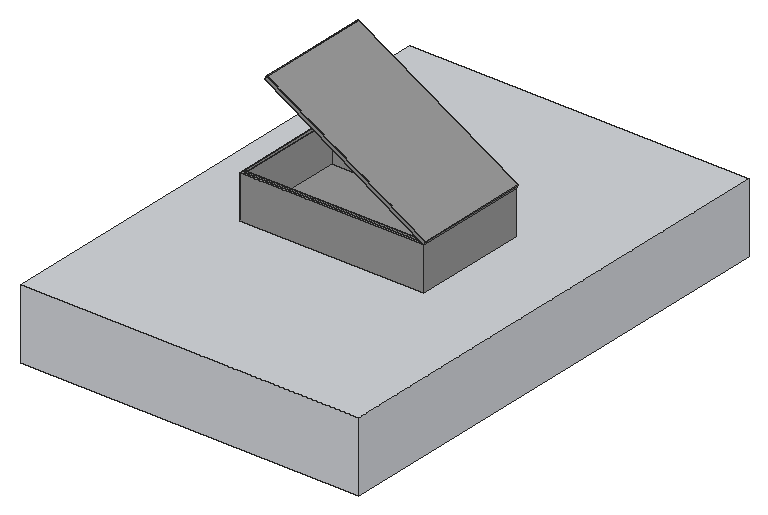
Revit family "Hager-Univers-IP44-D205-H500-Cl.I-Encl-CH-it", category Equipement électrique, Revit 2020
Family settings
  Hôte = Face
  Configuration du panneau = Deux colonnes, circuits au sein
  Cote de connecteur circulaire = Utiliser le diamètre
  Type d'élément = Tableau de raccordement
  Couper avec des vides une fois chargée = Non
  Partagée = Non
  Point de calcul de pièce = Non
Parameters (values of type "A parete IP44 L800 A500 P205  - FP33TN2")
  Width Control [instance] = if([EF000008 - Larghezza] > Min Width, [EF000008 - Larghezza], Min Width)  # 800 mm
  Commentaires du type = [HG000003 - Gamma]  # "Univers"
  Thickness Door [instance] = if([EF009171 - spessore materiale porta/coperchio] > 3 mm, 3 mm, [EF009171 - spessore materiale porta/coperchio])  # 1 mm
  Seal Frame Offset [instance] = 17 mm  # constant formula
  Plinth Visibility [instance] = [HG000027 - Altezza dello zoccolo] > 0 mm  # no
  Model = ""
  Min Width [instance] = 100 mm  # constant formula
  Min Height [instance] = 100 mm  # constant formula
  Min Depth [instance] = (2 * [EF009170 - spessore materiale scatola]) + 1 mm  # 3 mm
  Internal Frame Depth [instance] = (Door System Depth * 0.5)  # 9 mm
  Height Control [instance] = if([EF000040 - Altezza] > Min Height, [EF000040 - Altezza], Min Height)  # 500 mm
  HG000027 - Altezza dello zoccolo = 0 mm
  HG000026 - A pavimento = no
  HG000024 - Altezza della sezione inferiore = 800 mm
  HG000023 - Custodia a doppia sezione = no
  HG000016 - Visibilità delle porte nella vista 3D [instance] = yes
  HG000015 - Visibilità attraverso la porta [instance] = no
  HG000014 - Porta destra [instance] = yes
  HG000013 - Porta sinistra [instance] = not([HG000014 - Porta destra])  # no
  HG000012 - Angolo di apertura della porta [instance] = 30.00°
  HG000010 - Porte asimmetriche = no
  HG000009 - Porta doppia a battente = no
  HG000006 - Ad incasso = no
  HG000004 - Codice produttore = "FP33TN2"
  HG000003 - Gamma = "Univers"
  HG000002 - Con porta = yes
  Frame Offset Bottom [instance] = 10 mm  # constant formula
  Frame Offset [instance] = 15 mm  # constant formula
  EF015940 - Coprire con rilascio di sovrapressione = no
  EF011959 - tipo di protezione (NEMA) = ""
  EF009554 - numero delle aperture per la piastra della flangia = 6
  Fabricant = "Hager"  # constant formula
  EF009212 - esecuzione coperchio = "EV000116 - chiuso"
  EF009171 - spessore materiale porta/coperchio = 1 mm
  EF009170 - spessore materiale scatola = 1 mm
  EF008873 - corrente nominale (In) = 250 A
  EF007800 - adatto per parafulmine = no
  EF006306 - con serratura = no
  EF006244 - coperchio/porta trasparente = no
  EF005474 - grado di protezione (IP) = "EV006418 - IP44"
  EF004464 - tipo di porta = "EV002646 - singolo"
  EF004427 - numero di moduli = 108
  EF004293 - resistenza agli urti = "EV006815 - IK09"
  EF003532 - adatto per uso esterno = no
  EF002950 - Numero moduli DIN = 36
  EF001613 - Integrità del circuito = "EV000494 - senza"
  EF001596 - Attacco Lampada = "EV000179 - acciaio"
  EF001131 - profondità interna = 205 mm
  EF001088 - possibilità di applicazione = yes
  EF000437 - numero di ingressi per conduttori = 6
  EF000339 - tipo di copertura = "EV001012 - coperchio"
  EF000266 - numero di file = 3
  EF000218 - profondità di incasso = 205 mm
  EF000118 - con piastra di montaggio = no
  EF000116 - numero RAL = "9010"
  EF000049 - profondità = 205 mm
  EF000040 - Altezza = 500 mm
  EF000008 - Larghezza = 800 mm
  EF000007 - colore = "EV000202 - bianco"
  EF000003 - Tipo di montaggio = "EV000384 - A parete"
  Door System Leaf Tolerance [instance] = 1.5 mm  # constant formula
  Door System Depth [instance] = 18 mm  # constant formula
  Door Height [instance] = Height Control - [HG000027 - Altezza dello zoccolo]  # 500 mm
  Depth Control [instance] = if([EF000049 - profondità] > Min Depth, [EF000049 - profondità], Min Depth)  # 205 mm
  Default Elevation = 0 mm
  Connector Offset [instance] = Height Control / 2  # 250 mm
  Bottom Top Plate Trim [instance] = 1.5 mm  # constant formula
  Plinth height Ctrl [instance] = if([HG000027 - Altezza dello zoccolo] > 0 mm, [HG000027 - Altezza dello zoccolo], 12 mm)  # 12 mm
Types (10, lengths in mm): name | Width Control | HG000010 - Porte asimmetriche | HG000009 - Porta doppia a battente | HG000004 - Codice produttore | EF009554 - numero delle aperture per la piastra della flangia | EF004464 - tipo di porta | EF004427 - numero di moduli | EF002950 - Numero moduli DIN | EF000437 - numero di ingressi per conduttori | EF000218 - profondità di incasso | EF000008 - Larghezza
  A parete IP44 L1050 A500 P205  - FP34QT | 1050 | no | no | "FP34QT" | 8 | "EV003602 - doppio" | 144 | 48 | 8 | 0 | 1050
  A parete IP44 L1050 A500 P205  - FP34TN2 | 1050 | no | yes | "FP34TN2" | 8 | "EV003602 - doppio" | 144 | 48 | 8 | 205 | 1050
  A parete IP44 L1300 A500 P205  - FP35QT | 1300 | no | no | "FP35QT" | 10 | "EV003602 - doppio" | 180 | 60 | 10 | 0 | 1300
  A parete IP44 L1300 A500 P205  - FP35TN2 | 1300 | yes | yes | "FP35TN2" | 10 | "EV003602 - doppio" | 180 | 60 | 10 | 205 | 1300
  A parete IP44 L300 A500 P205  - FP31QT | 300 | no | no | "FP31QT" | 2 | "EV002646 - singolo" | 36 | 12 | 2 | 0 | 300
  A parete IP44 L300 A500 P205  - FP31TN2 | 300 | no | no | "FP31TN2" | 2 | "EV002646 - singolo" | 36 | 12 | 2 | 205 | 300
  A parete IP44 L550 A500 P205  - FP32QT | 550 | no | no | "FP32QT" | 4 | "EV002646 - singolo" | 72 | 24 | 4 | 0 | 550
  A parete IP44 L550 A500 P205  - FP32TN2 | 550 | no | no | "FP32TN2" | 4 | "EV002646 - singolo" | 72 | 24 | 4 | 205 | 550
  A parete IP44 L800 A500 P205  - FP33QT | 800 | no | no | "FP33QT" | 6 | "EV002646 - singolo" | 108 | 36 | 6 | 0 | 800
  A parete IP44 L800 A500 P205  - FP33TN2 | 800 | no | no | "FP33TN2" | 6 | "EV002646 - singolo" | 108 | 36 | 6 | 205 | 800
Reference planes
  plane 1 "Center (Front/Back)": y = 0
  plane 2: z = 0
  plane 3 "Center (Left/Right)": x = 0
  plane 4: z = 205
  plane 5: y = 1
  plane 6: y = 250
  plane 7: y = 0
  plane 8: y = 500
  plane 9: z = 0
  plane 10: x = -385
  plane 11: x = 385
  plane 12: x = 384
  plane 13: x = -384
  plane 14: y = 499
  plane 15: x = -383
  plane 16: x = -400
  plane 17: x = 383
  plane 18: x = 400
  plane 19: x = 399
  plane 20: x = -399
  plane 21: y = 11
  plane 22: y = 500
  plane 23: y = 484
  plane 24: z = 187
  plane 25: z = 1
  plane 26: z = 186
  plane 27: z = 204
Forms (mm)
  Extrusion 1, solid
    sketch origin (0, 0, 0) x (1, 0, 0) y (0, 1, 0)
      loop
        line (-702.964, 1305) -> (-702.964, -811.445) -> (766.763, -811.445) -> (766.763, 1305) -> (-702.964, 1305)
    from 0 to -304.8
  Extrusion 2, solid, material "Hager_Steel_RAL7035_Light_Grey", visible <- "Plinth Visibility", detail levels medium+fine
    sketch origin (0, 0, 0) x (1, 0, 0) y (0, 1, 0)
      loop
        line (-400, 0) -> (400, 0) -> (400, 12) -> (-400, 12) -> (-400, 0)
    from 0 to 187
  Extrusion 3, solid, material "Hager_Steel_RAL7035_Light_Grey", detail levels medium+fine
    sketch origin (0, 0, 0) x (1, 0, 0) y (0, 1, 0)
      loop
        line (-400, 0) -> (400, 0) -> (400, 500) -> (-400, 500) -> (-400, 0)
    from 0 to 187
  Extrusion 4, void
    sketch origin (0, 0, 0) x (1, 0, 0) y (0, 1, 0)
      loop
        line (-399, 1) -> (399, 1) -> (399, 499) -> (-399, 499) -> (-399, 1)
    from 1 to 186
  Extrusion 5, void
    sketch origin (-381.607, -4572, 187) x (0, -1, 0) y (-1, 0, 0)
      loop
        line (-4583, 2.393) -> (-5056, 2.393) -> (-5056, -765.607) -> (-4583, -765.607) -> (-4583, 2.393)
    from 0 to 1 <- "EF009170 - spessore materiale scatola"
  Extrusion 6, solid, material "Hager_Steel_RAL7035_Light_Grey", detail levels fine
    sketch origin (0, 0, 187) x (1, 0, 0) y (0, 1, 0)
      loop
        line (-384, 484) -> (-384, 11) -> (384, 11) -> (384, 484) -> (-384, 484)
      loop
        line (-385, 10) -> (385, 10) -> (385, 485) -> (-385, 485) -> (-385, 10)
    from 0 to 9 <- "Internal Frame Depth"
  Extrusion 7, solid, material "Hager_Steel_RAL7035_Light_Grey", detail levels coarse
    sketch origin (0, 0, 0) x (1, 0, 0) y (0, 1, 0)
      loop
        line (-400, 0) -> (400, 0) -> (400, 500) -> (-400, 500) -> (-400, 0)
    from 0 to 205
  Sweep 8, void
    path in 3D
      loop
        line (-400, 12, 0) -> (400, 12, 0) -> (400, 12, 187) -> (-400, 12, 187) -> (-400, 12, 0)
    profile origin (-400, 12, 93.5) x (-1, 0, 0) y (0, -1, 0)
      loop
        line (0, 0) -> (0, 1.5) -> (-1.5, 1.5)
        arc (-1.5, 1.5) -> (-1.061, 0.439) -> (0, 0) r 1.5
Cuts and joins
  Extrusion 4, Extrusion 5 cuts Extrusion 3
  Sweep 8 cuts Extrusion 2
Lines and regions (mm)
  Masking region 1
    outline origin (0, 0, 0) x (1, 0, 0) y (0, 0, 1)
      loop
        line (-400, 205) -> (-400, 0) -> (400, 0) -> (400, 205) -> (-400, 205)
  Masking region 2, detail levels medium+fine
    outline origin (0, 140, 0) x (0, 1, 0) y (0, 0, 1)
      loop
        line (-140, 0) -> (360, 0) -> (360, 187) -> (-140, 187) -> (-140, 0)
  Masking region 3, not visible, detail levels medium+fine
    outline origin (0, 297.922, 0) x (0, 1, 0) y (0, 0, 1)
      loop
        line (-36.422, 0) -> (3.578, 0) -> (3.578, 194)
        arc (3.578, 194) -> (0.649, 201.071) -> (-6.422, 204) r 10
        line (-6.422, 204) -> (-36.422, 204) -> (-36.422, 0)
  Masking region 4, detail levels coarse
    outline origin (0, 0, 180) x (0, 1, 0) y (0, 0, 1)
      loop
        line (0, -180) -> (500, -180) -> (500, 25) -> (0, 25) -> (0, -180)
  Masking region 5, visible <- "Plinth Visibility", detail levels medium+fine
    outline origin (0, 52.24, 12.345) x (0, 0, -1) y (0, 1, 0)
      loop
        line (10.845, -40.24) -> (-173.155, -40.24)
        arc (-173.155, -40.24) -> (-173.594, -41.301) -> (-174.655, -41.74) r 1.5
        line (-174.655, -41.74) -> (-174.655, -52.24) -> (12.345, -52.24) -> (12.345, -41.74)
        arc (12.345, -41.74) -> (11.285, -41.301) -> (10.845, -40.24) r 1.5
  Masking region 6, detail levels medium+fine
    outline origin (-381.607, -4572, 187) x (-1, 0, 0) y (0, -1, 0)
      loop
        line (18.393, -5072) -> (18.393, -4572) -> (-781.607, -4572) -> (-781.607, -5072) -> (18.393, -5072)
  Masking region 7, visible <- "Plinth Visibility", detail levels medium+fine
    outline origin (-381.607, -4727, 187) x (-1, 0, 0) y (0, -1, 0)
      loop
        arc (16.893, -4739) -> (17.332, -4737.939) -> (18.393, -4737.5) r 1.5
        line (18.393, -4737.5) -> (18.393, -4727) -> (-781.607, -4727) -> (-781.607, -4737.5)
        arc (-781.607, -4737.5) -> (-780.546, -4737.939) -> (-780.107, -4739) r 1.5
        line (-780.107, -4739) -> (16.893, -4739)
  Masking region 8, detail levels coarse
    outline origin (-442.548, -4669.526, 187) x (-1, 0, 0) y (0, -1, 0)
      loop
        line (-42.548, -5169.526) -> (-42.548, -4669.526) -> (-842.548, -4669.526) -> (-842.548, -5169.526) -> (-42.548, -5169.526)
  sketch lines
    curve 1: line (-400, 12, 187) -> (-400, 12, 0)
    curve 2: line (400, 12, 187) -> (-400, 12, 187)
    curve 3: line (400, 12, 187) -> (400, 12, 0)
    curve 4: line (-400, 12, 0) -> (400, 12, 0)
Dimensions and locks
  "Depth Control": plane 4 to Extrusion 1
  "HG000027 - Altezza dello zoccolo": plane 1 "Center (Front/Back)" to plane 7
  "EF009170 - spessore materiale scatola": plane 5 to plane 7
  locked: connector elem to plane 3 "Center (Left/Right)"
  equal spacing: plane 8, plane 6, plane 7
  locked: connector elem to plane 6
  "EF009170 - spessore materiale scatola": plane 8 to plane 14
  "EF009170 - spessore materiale scatola": plane 10 to plane 13
  "EF009170 - spessore materiale scatola": plane 12 to plane 11
  "Frame Offset": plane 20 to plane 13
  "Frame Offset": plane 12 to plane 19
  "EF009170 - spessore materiale scatola": plane 16 to plane 20
  "EF009170 - spessore materiale scatola": plane 19 to plane 18
  "Seal Frame Offset": plane 16 to plane 15
  "Seal Frame Offset": plane 17 to plane 18
  "Frame Offset Bottom": plane 21 to plane 5
  "Frame Offset": plane 14 to plane 23
  equal spacing: plane 16, plane 3 "Center (Left/Right)", plane 18
  "Width Control": plane 16 to plane 18
  "EF009170 - spessore materiale scatola": plane 4 to plane 27
  "EF009170 - spessore materiale scatola": plane 24 to plane 26
  "EF009170 - spessore materiale scatola": plane 25 to level
  "Door System Depth": plane 4 to plane 24
  "Height Control": plane 1 "Center (Front/Back)" to Extrusion 7 sketch curve
  "Height Control": Masking region 4 sketch curve to plane 1 "Center (Front/Back)"
  "Height Control": plane 1 "Center (Front/Back)" to plane 22
  "Bottom Top Plate Trim": profile plane to Sweep 8 sketch curve
  "Bottom Top Plate Trim": Sweep 8 sketch curve to profile plane
  "Plinth height Ctrl": plane 1 "Center (Front/Back)" to Extrusion 2 sketch curve
  "Plinth height Ctrl": Masking region 5 sketch curve to plane 1 "Center (Front/Back)"
  "Plinth height Ctrl": plane 1 "Center (Front/Back)" to Masking region 7 sketch curve
  "Thickness Door": Extrusion 6 sketch curve to Extrusion 6 sketch curve  (x3)
  "Thickness Door": cut or joined group of Extrusion 3, Extrusion 4, Extrusion 5 to Extrusion 6 sketch curve
  radius of Masking region 3 sketch curve = 10 mm
  "Bottom Top Plate Trim": radius of Masking region 5 sketch curve  (x2)
  "Bottom Top Plate Trim": radius of Sweep 8 sketch curve
  "Bottom Top Plate Trim": radius of Masking region 7 sketch curve  (x2)
  aligned and locked: plane 2 to Extrusion 1
  aligned and locked: level to Extrusion 1
  aligned and locked: level to Masking region 1 sketch curve
  aligned and locked: Masking region 1 sketch curve to plane 18
  aligned and locked: Masking region 1 sketch curve to plane 16
  aligned and locked: plane 7 to Masking region 2 sketch curve
  aligned and locked: level to Masking region 3 sketch curve
  aligned and locked: Masking region 3 sketch curve to plane 27
  aligned and locked: level to Masking region 2 sketch curve
  aligned and locked: plane 1 "Center (Front/Back)" to Extrusion 2 sketch curve
  aligned and locked: Extrusion 3 sketch curve to plane 7
  aligned and locked: plane 16 to Extrusion 3 sketch curve
  aligned and locked: plane 18 to Extrusion 3 sketch curve
  aligned and locked: plane 20 to Extrusion 4 sketch curve
  aligned and locked: plane 19 to Extrusion 4 sketch curve
  aligned and locked: Extrusion 4 sketch curve to plane 5
  aligned and locked: Extrusion 4 to plane 25
  aligned and locked: plane 26 to Extrusion 4
  aligned and locked: plane 24 to Extrusion 3
  aligned and locked: Extrusion 5 sketch curve to plane 21
  aligned and locked: Extrusion 5 sketch curve to plane 13
  aligned and locked: Extrusion 5 sketch curve to plane 12
  aligned and locked: plane 18 to Extrusion 7 sketch curve
  aligned and locked: plane 1 "Center (Front/Back)" to Extrusion 7 sketch curve
  aligned and locked: plane 16 to Extrusion 7 sketch curve
  aligned and locked: plane 4 to Extrusion 7
  aligned and locked: Extrusion 7 to level
  aligned and locked: level to Masking region 4 sketch curve
  aligned and locked: Masking region 4 sketch curve to plane 1 "Center (Front/Back)"
  aligned and locked: Masking region 4 sketch curve to plane 4
  aligned and locked: nested 1 to level
  aligned and locked: nested 1 to plane 16
  aligned and locked: plane 8 to Extrusion 3 sketch curve
  aligned and locked: plane 23 to Extrusion 5 sketch curve
  aligned and locked: plane 14 to Extrusion 4 sketch curve
  aligned and locked: Masking region 2 sketch curve to plane 8
  aligned and locked: level to Masking region 5 sketch curve
  aligned and locked: plane 16 to Extrusion 2 sketch curve
  aligned and locked: plane 18 to Extrusion 2 sketch curve
  aligned and locked: Masking region 5 sketch curve to plane 24
  aligned and locked: Masking region 2 sketch curve to plane 24
  aligned and locked: plane 24 to Extrusion 2
  aligned and locked: profile plane to Sweep 8 sketch curve  (x2)
  aligned and locked: Masking region 6 sketch curve to plane 18
  aligned and locked: Masking region 6 sketch curve to plane 22
  aligned and locked: Masking region 6 sketch curve to plane 16
  aligned and locked: plane 8 to plane 22
  aligned and locked: Masking region 6 sketch curve to plane 7
  aligned and locked: Masking region 7 sketch curve to plane 16
  aligned and locked: Masking region 7 sketch curve to plane 1 "Center (Front/Back)"
  aligned and locked: Masking region 7 sketch curve to plane 18
  aligned and locked: Masking region 8 sketch curve to plane 1 "Center (Front/Back)"
  aligned and locked: Masking region 8 sketch curve to plane 18
  aligned and locked: Masking region 8 sketch curve to plane 22
  aligned and locked: Masking region 8 sketch curve to plane 16
  aligned and locked: nested 2 to plane 7
  aligned and locked: plane 3 "Center (Left/Right)" to nested 2
  aligned and locked: nested 2 to plane 24
  aligned and locked: Extrusion 6 sketch curve to cut or joined group of Extrusion 3, Extrusion 4, Extrusion 5  (x4)
Automatic sketch dimensions
  Extrusion 1 sketch curve to Extrusion 1 sketch curve = 1469.727 mm
  Extrusion 1 sketch curve to Extrusion 1 sketch curve = 2116.445 mm
  Masking region 1 sketch curve to plane 4 = 0 mm
  plane 6 to Masking region 3 sketch curve = 11.5 mm
  Masking region 3 sketch curve to Masking region 3 sketch curve = 30 mm
  Masking region 5 sketch curve to plane 1 "Center (Front/Back)" = 0 mm
Nested families
  nested 1: "Hager_Enclosure_Symbol" at (-400, 0, 0) x (1, 0, 0) z (0, -1, 0), Height <- "Depth Control", Width <- "Width Control", type "Hager_Enclosure_Symbol"
    with Width_Ctrl 800 mm, Width 800 mm, Height_Ctrl 205 mm, Height 205 mm, A_Width_Int 13.453 mm, A_Width 161.438 mm, A_Height_Ctrl 179.375 mm, A_Height 179.375 mm
  nested 2: "EC000058_Univers_Door" at (0, 0, 187) x (1, 0, 0) z (0, 1, 0), Leaf_Tolerance <- "Door System Leaf Tolerance", Angle <- "HG000012 - Angolo di apertura della porta", Door_Depth <- "Door System Depth", Door_Left <- "HG000013 - Porta sinistra", Transparent <- "EF006244 - coperchio/porta trasparente", Assymetrical <- "HG000010 - Porte asimmetriche", Width <- "Width Control", Clearance <- "HG000015 - Visibilità attraverso la porta", Double <- "HG000009 - Porta doppia a battente", 3d_Door <- "HG000016 - Visibilità delle porte nella vista 3D", Lock_Visibility <- "EF006306 - con serratura", Width_Ctrl <- "Width Control", Door_Right <- "HG000014 - Porta destra", Door <- "HG000002 - Con porta", Height <- "Door Height", Thickness <- "Thickness Door", type "EC000058_Univers_Door", detail levels medium+fine
    with min_wh 3 mm, Width_Ctrl 800 mm, Width 800 mm, Transparent no, Thickness 1 mm, Seal_Material Hager_Rubber, Lock_Visibility no, Lock_Material Hager_Plastic_RAL9005_Jet_Black, Leaf_Width 800 mm, Leaf_Tolerance_External_Sides 0 mm, Leaf_Tolerance 1.5 mm, Leaf_Offset 0 mm, Leaf_Height 497 mm, Leaf_2_Width 800 mm, Leaf_2_Offset 400 mm, Leaf_1_Width 800 mm, Leaf_1_Offset 400 mm, Height_Ctrl 500 mm, Height 500 mm, Glass_Material Hager_Glass, Double_Clearance_Ctrl no, Double no, Door_Right_Ctrl yes, Door_Right yes, Door_Material Hager_Steel_RAL7035_Light_Grey, Door_Left_Ctrl no, Door_Left no, Door_Depth 18 mm, Door yes, Clearance_Material Hager_Clearance, Clearance_Depth 800 mm, Clearance_Ctrl no, Clearance no, Assymetrical no, Angle 30.00°, 3d_Door yes
Connectors
  electrical at (0, 250, 0)
    settings: on plane 9, index 1, voltage 0 V, apparent load 0 VA, apparent load phase1 0 VA, apparent load phase2 0 VA, apparent load phase3 0 VA, power factor 1, load classification "Other", number of poles 1, system type 30, power factor state 1, is connector primary yes, connector utility no, sub classification motor no, connector description ""
Definition of nested family "EC000058_Univers_Door"
  Parameters (values of type "EC000058_Univers_Door")
    min_wh [instance] = (2 * Thickness) + 1 mm  # 11 mm
    Width_Ctrl [instance] = 400 mm
    Width [instance] = 500 mm
    Transparent [instance] = yes
    Thickness [instance] = 5 mm
    Seal_Material [instance] = none
    Lock_Visibility [instance] = yes
    Lock_Material [instance] = none
    Leaf_Width [instance] = if((Width_Ctrl - 2 * Leaf_Tolerance_External_Sides) > 0 mm, (Width_Ctrl - 2 * Leaf_Tolerance_External_Sides), min_wh)  # 400 mm
    Leaf_Tolerance_External_Sides [instance] = 0 mm  # constant formula
    Leaf_Tolerance [instance] = 1.5 mm
    Leaf_Offset [instance] = 0 mm  # constant formula
    Leaf_Height [instance] = if((Height_Ctrl - 2 * Leaf_Tolerance) > 0 mm, (Height_Ctrl - 2 * Leaf_Tolerance), min_wh)  # 497 mm
    Leaf_2_Width [instance] = if(and(and(Double, Assymetrical), Door_Left), (Leaf_Width / 3) - (Leaf_Tolerance / 2), if(and(and(Double, Assymetrical), Door_Right), (Leaf_Width / 3) * 2 - (Leaf_Tolerance / 2), if(and(Double, not(Assymetrical)), (Leaf_Width / 2) - Leaf_Tolerance, Leaf_Width)))  # 400 mm
    Leaf_2_Offset [instance] = if(and(Double, Assymetrical), Leaf_2_Width / 2, if(and(Double, not(Assymetrical)), Leaf_Width / 4, Leaf_Width / 2))  # 200 mm
    Leaf_1_Width [instance] = if(and(and(Double, Assymetrical), Door_Right), (Leaf_Width / 3) - (Leaf_Tolerance / 2), if(and(and(Double, Assymetrical), Door_Left), (Width / 3) * 2 - (Leaf_Tolerance / 2), if(and(Double, not(Assymetrical)), (Leaf_Width / 2) - Leaf_Tolerance, Leaf_Width)))  # 400 mm
    Leaf_1_Offset [instance] = if(and(Double, Assymetrical), Leaf_1_Width / 2, if(and(Double, not(Assymetrical)), Leaf_Width / 4, Leaf_Width / 2))  # 200 mm
    Height_Ctrl [instance] = if(Height > min_wh, Height, min_wh)  # 500 mm
    Height [instance] = 500 mm
    Glass_Material [instance] = none
    Double_Clearance_Ctrl [instance] = and(Double, Clearance)  # no
    Double [instance] = no
    Door_Right_Ctrl [instance] = and(or(Door_Right, Double), Door)  # yes
    Door_Right [instance] = yes
    Door_Material [instance] = none
    Door_Left_Ctrl [instance] = and(or(Door_Left, Double), Door)  # no
    Door_Left [instance] = no
    Door_Depth [instance] = 30 mm
    Door [instance] = yes
    Default Elevation = 1219.2 mm
    Clearance_Material [instance] = none
    Clearance_Depth [instance] = if(Leaf_1_Width > Leaf_2_Width, Leaf_1_Width, Leaf_2_Width)  # 400 mm
    Clearance_Ctrl [instance] = and(not(Double), Clearance)  # yes
    Clearance [instance] = yes
    Assymetrical [instance] = yes
    Angle [instance] = 30.00°
    3d_Door [instance] = yes
  Reference planes
    plane 1 "Center (Front/Back)": y = 0
    plane 2 "Bottom": z = 0
    plane 3 "Center (Left/Right)": x = 0
    plane 4: z = 500
    plane 5: x = -200
    plane 6: x = 200
    plane 7: z = 500
    plane 8: x = -200
    plane 9: z = 0
    plane 10: x = 200
    plane 11: y = 0
    plane 12: z = 1.5
    plane 13: x = -600
    plane 14: y = -400
    plane 15: x = 600
    plane 16: x = 0
    plane 17: x = 0
    plane 18: x = -200
    plane 19: x = 200
    plane 20: z = 498.5
  Forms (mm)
    Extrusion 1, solid, material <- "Clearance_Material", visible <- "Double_Clearance_Ctrl"
      sketch origin (1200, 0, 0) x (1, 0, 0) y (0, 0, -1)
        loop
          line (-1800, -498.5) -> (-600, -498.5) -> (-600, 0) -> (-1800, 0) -> (-1800, -498.5)
      from 0 to -400
  Dimensions and locks
    equal spacing: plane 5, plane 3 "Center (Left/Right)", plane 6
    "Width_Ctrl": plane 5 to plane 6
    "Leaf_Offset": plane 5 to plane 8
    "Leaf_Offset": plane 6 to plane 10
    "Leaf_Offset": plane 9 to level
    "Leaf_Offset": plane 4 to plane 7
    "Height_Ctrl": plane 4 to level
    "Leaf_Tolerance": plane 12 to plane 9
    locked: plane 11 to plane 1 "Center (Front/Back)"
    "Leaf_1_Offset": plane 18 to plane 16
    "Leaf_2_Offset": plane 17 to plane 19
    "Leaf_1_Width": plane 13 to plane 8
    "Leaf_2_Width": plane 10 to plane 15
    "Clearance_Depth": plane 14 to plane 1 "Center (Front/Back)"
    "Leaf_Tolerance_External_Sides": plane 8 to plane 18
    "Leaf_Tolerance_External_Sides": plane 19 to plane 10
    "Leaf_Tolerance": plane 7 to plane 20
    aligned and locked: level to plane 2 "Bottom"
    aligned and locked: nested 1 to plane 16
    aligned and locked: nested 2 to plane 17
    aligned and locked: Extrusion 1 to plane 13
    aligned and locked: plane 15 to Extrusion 1
    aligned and locked: Extrusion 1 to plane 14
    aligned and locked: plane 12 to nested 1
    aligned and locked: nested 2 to plane 12
    aligned and locked: Extrusion 1 to plane 11
    aligned and locked: plane 20 to Extrusion 1
    aligned and locked: nested 2 to plane 11
    aligned and locked: nested 1 to plane 11
  Automatic sketch dimensions
    Extrusion 1 sketch curve to level = 0 mm
    plane 5 to Extrusion 1 sketch curve = 400 mm
    plane 6 to Extrusion 1 sketch curve = 400 mm
    Extrusion 1 sketch curve to plane 4 = 1.5 mm
  Nested families
    nested 1: "EC000058_Univers_Door_Leaf" at (0, 0, 1.5), Width <- "Leaf_1_Width", visible <- "Door_Left_Ctrl", Leaf_Height <- "Leaf_Height", Angle <- "Angle", 3d_Door <- "3d_Door", Transparent <- "Transparent", Clearance Material <- "Clearance_Material", Clearance <- "Clearance_Ctrl", Door_Material <- "Door_Material", Glass_Material <- "Glass_Material", Door_Depth <- "Door_Depth", Lock_Material <- "Lock_Material", Seal_Material <- "Seal_Material", Lock_Visibility <- "Lock_Visibility", Thickness <- "Thickness", type "EC000058_Univers_Door_Leaf"
      with Width 400 mm, Transparent_Glass_Offset 30 mm, Transparent_Ctrl yes, Transparent yes, Thickness 5 mm, Standard no, Seal_Material none, Seal_D2 8 mm, Seal_D1 1 mm, Offset_Internal_Frame 10 mm, Lock_Width 20 mm, Lock_Visibility_3d yes, Lock_Visibility yes, Lock_Thickness_3 3 mm, Lock_Thickness_2 1 mm, Lock_Thickness_1 3 mm, Lock_Radius_Offset_2 16 mm, Lock_Radius_Offset_1 15 mm, Lock_Radius_2 5 mm, Lock_Radius 6 mm, Lock_Offset 5 mm, Lock_Material none, Lock_Height 80 mm, Lock_Cover_Top_Offset_2d 17 mm, Lock_Cover_Height -65 mm, Leaf_Height 497 mm, Internal_Seal_Thickness 8 mm, Internal_Seal_Depth_2 4.5 mm, Internal_Frame_Depth 25 mm, Glass_Thickness -1 mm, Glass_Offset -2 mm, Glass_Material none, Door_Material none, Door_Depth 30 mm, Clearance Material none, Clearance yes, Angle_Ctrl 30.00°, Angle 30.00°, 3d_Door yes
    nested 2: "EC000058_Univers_Door_Leaf" at (0, 0, 1.5) x (-1, 0, 0) z (0, 0, 1), Width <- "Leaf_2_Width", visible <- "Door_Right_Ctrl", Leaf_Height <- "Leaf_Height", Angle <- "Angle", 3d_Door <- "3d_Door", Transparent <- "Transparent", Clearance Material <- "Clearance_Material", Clearance <- "Clearance_Ctrl", Door_Material <- "Door_Material", Glass_Material <- "Glass_Material", Door_Depth <- "Door_Depth", Lock_Material <- "Lock_Material", Seal_Material <- "Seal_Material", Lock_Visibility <- "Lock_Visibility", Thickness <- "Thickness", type "EC000058_Univers_Door_Leaf"
      with Width 400 mm, Transparent_Glass_Offset 30 mm, Transparent_Ctrl yes, Transparent yes, Thickness 5 mm, Standard no, Seal_Material none, Seal_D2 8 mm, Seal_D1 1 mm, Offset_Internal_Frame 10 mm, Lock_Width 20 mm, Lock_Visibility_3d yes, Lock_Visibility yes, Lock_Thickness_3 3 mm, Lock_Thickness_2 1 mm, Lock_Thickness_1 3 mm, Lock_Radius_Offset_2 16 mm, Lock_Radius_Offset_1 15 mm, Lock_Radius_2 5 mm, Lock_Radius 6 mm, Lock_Offset 5 mm, Lock_Material none, Lock_Height 80 mm, Lock_Cover_Top_Offset_2d 17 mm, Lock_Cover_Height -65 mm, Leaf_Height 497 mm, Internal_Seal_Thickness 8 mm, Internal_Seal_Depth_2 4.5 mm, Internal_Frame_Depth 25 mm, Glass_Thickness -1 mm, Glass_Offset -2 mm, Glass_Material none, Door_Material none, Door_Depth 30 mm, Clearance Material none, Clearance yes, Angle_Ctrl 30.00°, Angle 30.00°, 3d_Door yes
  Definition of nested family "EC000058_Univers_Door_Leaf"
    Parameters (values of type "EC000058_Univers_Door_Leaf")
      Width [instance] = 2000 mm
      Transparent_Glass_Offset [instance] = 30 mm
      Transparent_Ctrl [instance] = and(Transparent, [3d_Door])  # yes
      Transparent [instance] = yes
      Thickness [instance] = 5 mm
      Standard [instance] = and(not(Transparent), [3d_Door])  # no
      Seal_Material [instance] = none
      Seal_D2 [instance] = 8 mm  # constant formula
      Seal_D1 [instance] = 1 mm  # constant formula
      Offset_Internal_Frame [instance] = 10 mm  # constant formula
      Lock_Width [instance] = 20 mm  # constant formula
      Lock_Visibility_3d [instance] = and(Lock_Visibility, [3d_Door])  # yes
      Lock_Visibility [instance] = yes
      Lock_Thickness_3 [instance] = 3 mm  # constant formula
      Lock_Thickness_2 [instance] = 1 mm  # constant formula
      Lock_Thickness_1 [instance] = 3 mm  # constant formula
      Lock_Radius_Offset_2 [instance] = Lock_Radius_Offset_1 + 1 mm  # 16 mm
      Lock_Radius_Offset_1 [instance] = 15 mm  # constant formula
      Lock_Radius_2 [instance] = Lock_Radius - 1 mm  # 5 mm
      Lock_Radius [instance] = 6 mm  # constant formula
      Lock_Offset [instance] = 5 mm  # constant formula
      Lock_Material [instance] = none
      Lock_Height [instance] = 80 mm  # constant formula
      Lock_Cover_Top_Offset_2d [instance] = Lock_Radius_Offset_2 + 1 mm  # 17 mm
      Lock_Cover_Height [instance] = -(Lock_Height - Lock_Radius_Offset_1)  # -65 mm
      Leaf_Height [instance] = 2720.336 mm
      Internal_Seal_Thickness [instance] = 8 mm  # constant formula
      Internal_Seal_Depth_2 [instance] = 4.5 mm  # constant formula
      Internal_Frame_Depth [instance] = if(Door_Depth - Thickness > 5 mm, Door_Depth - Thickness, 5 mm)  # 25 mm
      Glass_Thickness [instance] = if(Thickness > 15 mm, Glass_Offset + 10 mm, -1 mm)  # -1 mm
      Glass_Offset [instance] = if(Thickness > 15 mm, -(Thickness + 10 mm) / 2, -2 mm)  # -2 mm
      Glass_Material [instance] = none
      Door_Material [instance] = none
      Door_Depth [instance] = 30 mm
      Default Elevation = 0 mm
      Clearance Material [instance] = none
      Clearance [instance] = yes
      Angle_Ctrl [instance] = if(Angle > 180.00°, 180.00°, Angle)  # 90.00°
      Angle [instance] = 90.00°
      3d_Door [instance] = yes
    Reference planes
      plane 1 "Center (Front/Back)": y = 0
      plane 2: z = 0
      plane 3 "Center (Left/Right)": x = 0
      plane 4: y = 2000
      plane 5: x = -1000
      plane 6: x = 1000
      plane 7: x = -3000
      plane 8: z = 2720.336
      plane 9: z = 30
      plane 10: z = 2690.336
      plane 11: x = 970
      plane 12: x = -970
      plane 13: y = -3
      plane 14: z = 107.833
      plane 15: y = -5
      plane 16: y = -223.314
      plane 17: x = -1000
      plane 18: z = 1360.168
      plane 19: y = 30
    Forms (mm)
      Extrusion 1, solid, material <- "Clearance Material", visible <- "Clearance"
        sketch origin (0, 0, 0) x (1, 0, 0) y (0, 0, 1)
          loop
            line (-3000, 2720.336) -> (-3000, 0) -> (1000, 0) -> (1000, 2720.336) -> (-3000, 2720.336)
        from 0 to -2000
      Extrusion 2, solid, material <- "Door_Material", visible <- "Standard", detail levels medium+fine
        sketch origin (-1000, 0, 0) x (0, 1, 0) y (-1, 0, 0)
          loop
            line (0, 30) -> (0, 25) -> (2000, 25) -> (2000, 30) -> (0, 30)
        from 0 to 2720.336 <- "Leaf_Height"
      Extrusion 3, solid, material <- "Door_Material", visible <- "Transparent_Ctrl", detail levels medium+fine
        sketch origin (-1000, 0, 0) x (0, 1, 0) y (-1, 0, 0)
          loop
            line (0, 25) -> (2000, 25) -> (2000, 30) -> (0, 30) -> (0, 25)
        from 0 to 2720.336 <- "Leaf_Height"
      Extrusion 4, void
        sketch origin (-1025, 2000, 0) x (0, 1, 0) y (0, 0, -1)
          loop
            line (-30, -2690.336) -> (-30, -30) -> (-1970, -30) -> (-1970, -2690.336) -> (-30, -2690.336)
        from 0 to 5 <- "Thickness"
      Sweep 5, solid, material <- "Seal_Material", visible <- "Transparent_Ctrl", detail levels fine
        path in 3D
          loop
            line (-1025, 30, 30) -> (-1025, 30, 2690.336) -> (-1025, 1970, 2690.336) -> (-1025, 1970, 30) -> (-1025, 30, 30)
        profile origin (-1025, 1000, 30) x (1, 0, 0) y (0, 0, 1)
          loop
            line (0, 0) -> (0, -8) -> (1, -8) -> (1, 0) -> (0, 0)
      Extrusion 6, solid, material <- "Glass_Material", visible <- "Transparent_Ctrl", detail levels medium+fine
        sketch origin (-1030, 0, 0) x (0, 1, 0) y (0, 0, -1)
          loop
            line (1970, -2690.336) -> (1970, -30) -> (30, -30) -> (30, -2690.336) -> (1970, -2690.336)
        from -2 <- "Glass_Offset" to -1 <- "Glass_Thickness"
      Extrusion 7, solid, material <- "Door_Material", visible <- "3d_Door", detail levels medium+fine
        sketch origin (-1025, 2000, 0) x (0, -1, 0) y (0, 0, -1)
          loop
            line (0, -2720.336) -> (2000, -2720.336) -> (2000, 0) -> (0, 0) -> (0, -2720.336)
          loop
            line (1995, -5) -> (5, -5) -> (5, -2715.336) -> (1995, -2715.336) -> (1995, -5)
        from 0 to 25 <- "Internal_Frame_Depth"
      Sweep 8, solid, material <- "Seal_Material", visible <- "Transparent_Ctrl", detail levels fine
        path in 3D
          loop
            line (-1025, 0, 0) -> (-1025, 2000, 0) -> (-1025, 2000, 2720.336) -> (-1025, 0, 2720.336) -> (-1025, 0, 0)
        profile origin (-1025, 0, 1360.168) x (1, 0, 0) y (0, 1, 0)
          loop
            line (0, 10) -> (2.975, 10)
            arc (2.975, 10) -> (4.053, 10.447) -> (4.5, 11.525) r 1.525
            line (4.5, 11.525) -> (4.5, 16.527)
            arc (4.5, 16.527) -> (4.069, 17.569) -> (3.027, 18) r 1.473
            line (3.027, 18) -> (0, 18) -> (0, 10)
      Extrusion 9, solid, material <- "Lock_Material", visible <- "Lock_Visibility_3d", detail levels fine
        sketch origin (-1030, 0, 0) x (0, 1, 0) y (0, 0, -1)
          loop
            arc (1993.5, -1400.168) -> (1994.561, -1399.729) -> (1995, -1398.668) r 1.5
            line (1995, -1398.668) -> (1995, -1320.168) -> (1975, -1320.168) -> (1975, -1398.668)
            arc (1975, -1398.668) -> (1975.439, -1399.729) -> (1976.5, -1400.168) r 1.5
            line (1976.5, -1400.168) -> (1993.5, -1400.168)
        from 3 <- "Lock_Thickness_1" to 0
      Blend 10, solid, material <- "Lock_Material", visible <- "Lock_Visibility_3d", detail levels fine
        base sketch origin (-1033, 0, 0) x (0, 1, 0) y (0, 0, -1)
          loop
            line (1975, -1320.168) -> (1975, -1398.668)
            arc (1975, -1398.668) -> (1975.439, -1399.729) -> (1976.5, -1400.168) r 1.5
            line (1976.5, -1400.168) -> (1993.5, -1400.168)
            arc (1993.5, -1400.168) -> (1994.561, -1399.729) -> (1995, -1398.668) r 1.5
            line (1995, -1398.668) -> (1995, -1320.168) -> (1975, -1320.168)
        top sketch origin (-1033, 0, 0) x (0, 1, 0) y (0, 0, -1)
          loop
            line (1976, -1320.168) -> (1976, -1398.668)
            arc (1976, -1398.668) -> (1976.146, -1399.022) -> (1976.5, -1399.168) r 0.5
            line (1976.5, -1399.168) -> (1993.5, -1399.168)
            arc (1993.5, -1399.168) -> (1993.854, -1399.022) -> (1994, -1398.668) r 0.5
            line (1994, -1398.668) -> (1994, -1320.168) -> (1976, -1320.168)
        from 0 to 1 <- "Lock_Thickness_2"
      Blend 11, solid, material <- "Lock_Material", visible <- "Lock_Visibility_3d", detail levels fine
        base sketch origin (-1034, 0, 0) x (0, 1, 0) y (0, 0, -1)
          loop
            line (1978, -1320.168) -> (1978, -1384.168)
            arc (1978, -1384.168) -> (1985, -1391.168) -> (1992, -1384.168) r 7
            line (1992, -1384.168) -> (1992, -1320.168) -> (1978, -1320.168)
        top sketch origin (-1034, 0, 0) x (0, 1, 0) y (0, 0, -1)
          loop
            line (1991, -1320.168) -> (1979, -1320.168) -> (1979, -1383.168)
            arc (1979, -1383.168) -> (1985, -1389.168) -> (1991, -1383.168) r 6
            line (1991, -1383.168) -> (1991, -1320.168)
        from 0 to 3 <- "Lock_Thickness_3"
      Extrusion 12, solid, material <- "Lock_Material", visible <- "Lock_Visibility_3d", detail levels fine
        sketch origin (-1030, 1975, 1320.168) x (1, 0, 0) y (0, -1, 0)
          loop
            line (-7, -19) -> (-7, -1) -> (0, -1) -> (0, 0) -> (-8, 0) -> (-8, -20) -> (0, -20) -> (0, -19) -> (-7, -19)
        from 0 to -65 <- "Lock_Cover_Height"
      Extrusion 13, void
        sketch origin (-1038, 1995, 1320.168) x (-1, 0, 0) y (0, 0, -1)
          loop
            line (-5, -65) -> (0, -65) -> (-5, -60) -> (-5, -65)
        from 0 to 20 <- "Lock_Width"
      Extrusion 14, void
        sketch origin (-1038, 1975, 1320.168) x (0, -1, 0) y (0, 0, -1)
          loop
            circle (-10, -15.995) r 6
          loop
            circle (-10, -15.995) r 5
        from 0 to 2
      Extrusion 15, solid, material <- "Lock_Material", visible <- "Lock_Visibility_3d", detail levels medium
        sketch origin (-1030, 0, 0) x (0, 1, 0) y (0, 0, -1)
          loop
            arc (1993.5, -1400.168) -> (1994.561, -1399.729) -> (1995, -1398.668) r 1.5
            line (1995, -1398.668) -> (1995, -1320.168) -> (1975, -1320.168) -> (1975, -1398.668)
            arc (1975, -1398.668) -> (1975.439, -1399.729) -> (1976.5, -1400.168) r 1.5
            line (1976.5, -1400.168) -> (1993.5, -1400.168)
        from 8 to 0
    Cuts and joins
      Extrusion 4 cuts Extrusion 3
      Extrusion 13, Extrusion 14 cuts Extrusion 9
      Extrusion 14 cuts Blend 11
      Extrusion 13, Extrusion 14 cuts Extrusion 12
      joined: Extrusion 9, Blend 10, Blend 11, Extrusion 12
      Extrusion 14 cuts Extrusion 15
    Lines and regions (mm)
      Masking region 1, visible <- "Lock_Visibility", detail levels fine
        outline origin (0, 0, 0) x (0, 1, 0) y (0, 0, 1)
          loop
            line (30, 1320.168) -> (33, 1320.168) -> (33, 1400.168) -> (30, 1400.168) -> (30, 1320.168)
      Masking region 2, visible <- "Lock_Visibility", detail levels fine
        outline origin (0, 3.143, 0) x (0, 1, 0) y (0, 0, 1)
          loop
            line (29.857, 1354.168) -> (30.857, 1354.168) -> (30.857, 1366.168) -> (29.857, 1366.168) -> (29.857, 1354.168)
      Masking region 3, detail levels medium+fine
        outline origin (0, 0, 0) x (0, 1, 0) y (0, 0, 1)
          loop
            line (0, 0) -> (30, 0) -> (30, 2720.336) -> (0, 2720.336) -> (0, 0)
      Masking region 4, detail levels medium+fine
        outline origin (0, 0, 0) x (1, 0, 0) y (0, 0, 1)
          loop
            line (-1000, 2720.336) -> (-1000, 0) -> (1000, 0) -> (1000, 2720.336) -> (-1000, 2720.336)
      Masking region 5, visible <- "Lock_Visibility", detail levels fine
        outline origin (-47.116, 0, 0) x (1, 0, 0) y (0, 0, 1)
          loop
            arc (1024.616, 1399.168) -> (1023.556, 1398.729) -> (1023.116, 1397.668) r 1.5
            line (1023.116, 1397.668) -> (1023.116, 1320.168) -> (1041.116, 1320.168) -> (1041.116, 1397.668)
            arc (1041.116, 1397.668) -> (1040.677, 1398.729) -> (1039.616, 1399.168) r 1.5
            line (1039.616, 1399.168) -> (1024.616, 1399.168)
      Masking region 6, visible <- "Lock_Visibility", detail levels medium+fine
        outline origin (-25, 0, 0) x (1, 0, 0) y (0, 0, 1)
          loop
            arc (1001.5, 1400.168) -> (1000.439, 1399.729) -> (1000, 1398.668) r 1.5
            line (1000, 1398.668) -> (1000, 1320.168) -> (1020, 1320.168) -> (1020, 1398.668)
            arc (1020, 1398.668) -> (1019.561, 1399.729) -> (1018.5, 1400.168) r 1.5
            line (1018.5, 1400.168) -> (1001.5, 1400.168)
      Masking region 7, visible <- "Lock_Visibility", detail levels fine
        outline origin (-73.735, 0, 0) x (1, 0, 0) y (0, 0, 1)
          loop
            line (1051.735, 1382.168) -> (1065.735, 1382.168) -> (1065.735, 1384.168)
            arc (1065.735, 1384.168) -> (1058.735, 1391.168) -> (1051.735, 1384.168) r 7
            line (1051.735, 1384.168) -> (1051.735, 1382.168)
      Masking region 8, visible <- "Lock_Visibility", detail levels fine
        outline origin (-73.735, 0, 0) x (1, 0, 0) y (0, 0, 1)
          loop
            line (1052.735, 1382.168) -> (1064.735, 1382.168) -> (1064.735, 1383.168)
            arc (1064.735, 1383.168) -> (1058.735, 1389.168) -> (1052.735, 1383.168) r 6
            line (1052.735, 1383.168) -> (1052.735, 1382.168)
      Masking region 9, visible <- "Lock_Visibility", detail levels fine
        outline origin (-25, 0, 0) x (1, 0, 0) y (0, 0, 1)
          loop
            line (1020, 1320.168) -> (1020, 1382.168) -> (1000, 1382.168) -> (1000, 1320.168) -> (1020, 1320.168)
      Masking region 10, detail levels medium+fine
        outline origin (0, 0, 0) x (1, 0, 0) y (0, 0, 1)
          loop
            circle (985, 1335.144) r 6
      Masking region 11, detail levels fine
        outline origin (0, 0, 0) x (1, 0, 0) y (0, 0, 1)
          loop
            circle (985, 1335.144) r 5
      Masking region 12, visible <- "Lock_Visibility", detail levels fine
        outline origin (0, 12.767, 0) x (0, 1, 0) y (0, 0, 1)
          loop
            line (20.233, 1320.168) -> (21.233, 1320.168) -> (21.233, 1399.168) -> (20.233, 1400.168) -> (20.233, 1320.168)
      Masking region 13, visible <- "Lock_Visibility", detail levels fine
        outline origin (0, 13.767, -10) x (0, 1, 0) y (0, 0, 1)
          loop
            line (20.233, 1330.168) -> (23.233, 1330.168) -> (23.233, 1399.168) -> (20.233, 1402.168) -> (20.233, 1330.168)
      Masking region 14, visible <- "Lock_Visibility", detail levels fine
        outline origin (0, 12.767, -10) x (0, 1, 0) y (0, 0, 1)
          loop
            line (20.233, 1330.168) -> (25.233, 1330.168) -> (25.233, 1399.305) -> (20.233, 1394.305) -> (20.233, 1330.168)
      Masking region 15, visible <- "Lock_Visibility", detail levels medium
        outline origin (0, 0, 0) x (0, 1, 0) y (0, 0, 1)
          loop
            line (30, 1320.168) -> (38, 1320.168) -> (38, 1400.168) -> (30, 1400.168) -> (30, 1320.168)
      Masking region 16, visible <- "Lock_Visibility", detail levels fine
        outline origin (-1000, 0, 0) x (0, 1, 0) y (-1, 0, 0)
          loop
            line (1975, 30) -> (1995, 30) -> (1995, 38) -> (1975, 38) -> (1975, 30)
          loop
            line (1979, 37) -> (1976, 37) -> (1976, 34) -> (1978, 34) -> (1979, 37)
          loop
            line (1994, 37) -> (1991, 37) -> (1992, 34) -> (1994, 34) -> (1994, 37)
      Masking region 17, visible <- "Lock_Visibility", detail levels medium
        outline origin (-1000, 0, 0) x (0, 1, 0) y (-1, 0, 0)
          loop
            line (1975, 30) -> (1995, 30) -> (1995, 38) -> (1975, 38) -> (1975, 30)
      symbolic lines
        curve 1: line (1000, 0, 0) -> (-3000, 0, 0)
        curve 2: arc (1000, 0, 0) -> (-1000, 2000, 0) -> (-3000, 0, 0) r 2000
        curve 4: line (-1030, 0, 0) -> (-1030, 2000, 0)
      reference lines
        curve 3: line (-1000, 0, 0) -> (-1000, 2000, 0)
      symbolic lines, detail levels medium+fine
        curve 5: line (-1030, 2000, 0) -> (-1025, 2000, 0)
        curve 7: line (-1025, 0, 0) -> (-1030, 0, 0)
        curve 8: line (-1025, 0, 0) -> (-1000, 0, 0)
        curve 9: line (-1000, 0, 0) -> (-1000, 2000, 0)
        curve 10: line (-1000, 2000, 0) -> (-1025, 2000, 0)
      symbolic lines, detail levels fine
        curve 6: line (-1025, 2000, 0) -> (-1025, 0, 0)
      sketch lines
        curve 11: line (-1025, 0, 2720.336) -> (-1025, 0, 0)
        curve 12: line (-1025, 2000, 0) -> (-1025, 0, 0)
        curve 13: line (-1025, 2000, 2720.336) -> (-1025, 2000, 0)
        curve 14: line (-1025, 0, 2720.336) -> (-1025, 2000, 2720.336)
        curve 15: line (-1025, 1970, 30) -> (-1025, 30, 30)
        curve 16: line (-1025, 30, 30) -> (-1025, 30, 2690.336)
        curve 17: line (-1025, 1970, 2690.336) -> (-1025, 1970, 30)
        curve 18: line (-1025, 30, 2690.336) -> (-1025, 1970, 2690.336)
      symbolic lines, visible <- "Transparent", detail levels medium+fine
        curve 19: line (-970, 0, 2690.336) -> (970, 0, 2690.336)
        curve 20: line (-970, 0, 30) -> (-970, 0, 2690.336)
        curve 21: line (970, 0, 30) -> (-970, 0, 30)
        curve 22: line (970, 0, 2690.336) -> (970, 0, 30)
    Dimensions and locks
      "Width": plane 1 "Center (Front/Back)" to plane 4
      equal spacing: plane 5, plane 3 "Center (Left/Right)", plane 6
      "Width": plane 5 to plane 6
      "Width": plane 7 to plane 5
      "Leaf_Height": plane 8 to level
      "Width": curve 5 to curve 3
      "Width": curve 3 to curve 3
      plane 8 to plane 10 = 30 mm
      plane 9 to level = 30 mm
      plane 12 to plane 5 = 30 mm
      plane 6 to plane 11 = 30 mm
      Extrusion 1 to Extrusion 4 sketch curve = 30 mm
      "Transparent_Glass_Offset": curve 3 to Extrusion 4 sketch curve
      "Transparent_Glass_Offset": Extrusion 4 sketch curve to cut or joined group of Extrusion 3, Extrusion 4  (x2)
      cut or joined group of Extrusion 3, Extrusion 4 to Extrusion 6 sketch curve = 30 mm
      "Transparent_Glass_Offset": cut or joined group of Extrusion 3, Extrusion 4 to Extrusion 4 sketch curve
      "Thickness": curve 6 to curve 4
      "Thickness": Extrusion 7 sketch curve to Extrusion 7 sketch curve  (x4)
      "Door_Depth": curve 4 to curve 3
      "Offset_Internal_Frame": profile plane to Sweep 8 sketch curve
      "Internal_Seal_Thickness": Sweep 8 sketch curve to Sweep 8 sketch curve
      "Internal_Seal_Depth_2": profile plane to Sweep 8 sketch curve
      "Seal_D1": profile plane to Sweep 5 sketch curve
      "Seal_D2": profile plane to Sweep 5 sketch curve
      "Thickness": Extrusion 2 sketch curve to Extrusion 2 sketch curve
      equal spacing: Extrusion 9 sketch curve, plane 18, Extrusion 9 sketch curve  (x2)
      equal spacing: Masking region 1 sketch curve, plane 18, Masking region 1 sketch curve
      "Lock_Height": Masking region 1 sketch curve to Masking region 1 sketch curve
      "Lock_Radius": Masking region 2 sketch curve to plane 18 to Masking region 2 sketch curve
      Masking region 2 sketch curve to Masking region 1 = 1 mm
      "Door_Depth": plane 19 to plane 1 "Center (Front/Back)"
      "Lock_Thickness_1": Masking region 1 sketch curve to plane 19
      "Lock_Width": Extrusion 9 sketch curve to Extrusion 9 sketch curve
      "Lock_Height": Extrusion 9 sketch curve to Extrusion 9 sketch curve
      "Lock_Offset": cut or joined group of Extrusion 3, Extrusion 4 to Extrusion 9 sketch curve
      equal spacing: plane 8, plane 18, level
      "Lock_Radius_Offset_1": Blend 11 sketch curve to Blend 10
      locked: Blend 10 to Blend 11 sketch curve at 2  (x2)
      locked: var sketch to Blend 11 sketch curve at 1  (x2)
      "Lock_Radius_Offset_2": Blend 11 sketch curve to Blend 10
      locked: Extrusion 12 sketch curve to Extrusion 12 sketch curve at 1  (x3)
      Masking region 6 sketch curve to Masking region 6 sketch curve = 80 mm
      "Lock_Height": Masking region 6 sketch curve to Masking region 6 sketch curve
      "Lock_Width": Masking region 6 sketch curve to Masking region 6 sketch curve
      locked: Masking region 6 to Masking region 5 sketch curve at 1  (x3)
      locked: Masking region 5 to Masking region 7 sketch curve at 2  (x2)
      "Lock_Radius_Offset_1": Masking region 5 to Masking region 7 sketch curve
      "Lock_Radius_Offset_2": Masking region 5 to Masking region 8 sketch curve
      locked: Masking region 7 to Masking region 8 sketch curve at 1  (x2)
      "Lock_Cover_Top_Offset_2d": Masking region 5 to Masking region 9 sketch curve
      equal spacing: Masking region 9, Masking region 10 sketch curve, Masking region 9
      equal spacing: Masking region 9, Masking region 11 sketch curve, Masking region 9
      Extrusion 15 sketch curve to Extrusion 15 sketch curve = 80 mm
      "Lock_Width": Extrusion 15 sketch curve to Extrusion 15 sketch curve
      "Lock_Height": Extrusion 15 sketch curve to Extrusion 15 sketch curve
      equal spacing: Extrusion 15 sketch curve, plane 18, Extrusion 15 sketch curve
      "Lock_Thickness_3": Masking region 13 sketch curve to Masking region 13 sketch curve
      "Lock_Height": Masking region 12 sketch curve to Masking region 12 sketch curve
      locked: Masking region 13 sketch curve to Masking region 1 at 8
      locked: Masking region 14 sketch curve to Masking region 13 at 1
      locked: Masking region 14 sketch curve to Masking region 1 at 10.863
      "Lock_Height": Masking region 15 sketch curve to Masking region 15 sketch curve
      "Lock_Offset": Extrusion 15 sketch curve to cut or joined group of Extrusion 3, Extrusion 4
      "Lock_Offset": plane 6 to Masking region 6 sketch curve
      radius of Sweep 8 sketch curve = 1.525 mm
      radius of Sweep 8 sketch curve = 1.473 mm
      radius of Extrusion 9 sketch curve = 1.5 mm  (x2)
      "Lock_Radius": radius of Extrusion 14 sketch curve
      "Lock_Radius_2": radius of Extrusion 14 sketch curve
      "Lock_Radius": radius of Masking region 10 sketch curve
      "Lock_Radius_2": radius of Masking region 11 sketch curve
      radius of Extrusion 15 sketch curve = 1.5 mm  (x2)
      "Angle_Ctrl": angle plane 1 "Center (Front/Back)" to curve 3
      locked: Masking region 12 sketch curve to Masking region 12 sketch curve (angle 45.00°)
      locked: Masking region 13 sketch curve to Masking region 13 sketch curve (angle 45.00°)
      locked: Masking region 14 sketch curve to Masking region 14 sketch curve (angle 45.00°)
      aligned and locked: level to plane 2
      aligned and locked: Extrusion 1 to curve 1
      aligned and locked: plane 6 to Extrusion 1
      aligned and locked: Extrusion 1 to plane 1 "Center (Front/Back)"
      aligned and locked: plane 4 to Extrusion 1
      aligned and locked: plane 8 to Extrusion 1
      aligned and locked: curve 7 to Extrusion 2 sketch curve
      aligned and locked: curve 5 to Extrusion 2 sketch curve
      aligned and locked: curve 7 to Extrusion 3 sketch curve
      aligned and locked: Extrusion 3 sketch curve to curve 4
      aligned and locked: Extrusion 3 sketch curve to curve 6
      aligned and locked: Extrusion 3 sketch curve to curve 5
      aligned and locked: curve 9 to curve 3
      aligned and locked: Extrusion 7 sketch curve to cut or joined group of Extrusion 3, Extrusion 4  (x4)
      aligned and locked: plane 17 to curve 3
      aligned and locked: plane 1 "Center (Front/Back)" to curve 3
      aligned and locked: plane 17 to plane 5
      aligned and locked: Sweep 8 sketch curve to profile plane
      aligned and locked: Sweep 5 sketch curve to profile plane  (x2)
      aligned and locked: Masking region 1 to Masking region 2 sketch curve
      aligned and locked: plane 19 to Masking region 1 sketch curve
      aligned and locked: plane 1 "Center (Front/Back)" to Masking region 3 sketch curve
      aligned and locked: plane 19 to Masking region 3 sketch curve
      aligned and locked: level to Masking region 3 sketch curve
      aligned and locked: Masking region 3 sketch curve to plane 8
      aligned and locked: plane 17 to Masking region 4 sketch curve
      aligned and locked: level to Masking region 4 sketch curve
      aligned and locked: Masking region 4 sketch curve to plane 8
      aligned and locked: plane 12 to curve 20
      aligned and locked: plane 10 to curve 19
      aligned and locked: plane 11 to curve 22
      aligned and locked: curve 21 to plane 9
      aligned and locked: Extrusion 2 sketch curve to cut or joined group of Extrusion 3, Extrusion 4
      aligned and locked: Blend 10 sketch curve to Extrusion 9  (x4)
      aligned and locked: Extrusion 9 to Blend 10 sketch curve
      aligned and locked: Blend 10 to Blend 11 sketch curve
      aligned and locked: Extrusion 12 sketch curve to Blend 11
      aligned and locked: Extrusion 12 sketch curve to Extrusion 9  (x4)
      aligned and locked: Masking region 5 sketch curve to Masking region 6
      aligned and locked: Masking region 9 sketch curve to Masking region 6  (x3)
      aligned and locked: Masking region 12 sketch curve to Masking region 1
      aligned and locked: Masking region 13 sketch curve to Masking region 1
      aligned and locked: Masking region 12 to Masking region 14
      aligned and locked: Masking region 14 sketch curve to Masking region 1
      aligned and locked: Masking region 15 sketch curve to Masking region 14
      aligned and locked: Masking region 13 sketch curve to Masking region 12
      aligned and locked: Masking region 16 sketch curve to cut or joined group of Extrusion 14, Extrusion 15  (x4)
      aligned and locked: Masking region 16 sketch curve to cut or joined group of Extrusion 9, Blend 10, Blend 11, Extrusion 12, Extrusion 13, Extrusion 14  (x6)
      aligned and locked: cut or joined group of Extrusion 9, Blend 10, Blend 11, Extrusion 12, Extrusion 13, Extrusion 14 to Masking region 16 sketch curve
      aligned and locked: Masking region 17 sketch curve to cut or joined group of Extrusion 14, Extrusion 15  (x3)
      aligned and locked: Masking region 17 sketch curve to cut or joined group of Extrusion 9, Blend 10, Blend 11, Extrusion 12, Extrusion 13, Extrusion 14
      aligned and locked: Masking region 9 to Masking region 8 sketch curve
      aligned and locked: Masking region 9 to Masking region 7 sketch curve
    Automatic sketch dimensions
      plane 1 "Center (Front/Back)" to curve 2 = 0 mm
      curve 2 to plane 5 = 0 mm
      Extrusion 1 sketch curve to level = 0 mm
      Extrusion 1 sketch curve to plane 7 = 0 mm
      Extrusion 1 sketch curve to plane 6 = 0 mm
      Extrusion 1 sketch curve to plane 8 = 0 mm
      Extrusion 3 to Extrusion 6 sketch curve = 30 mm  (x4)
      Masking region 4 sketch curve to plane 6 = 0 mm
      Blend 10 sketch curve to Extrusion 9 = 1.5 mm
      Blend 10 sketch curve to Extrusion 9 = 1 mm
      Extrusion 13 sketch curve to Extrusion 12 = 0 mm  (x2)
      Extrusion 12 to Extrusion 13 sketch curve = 3 mm
      Extrusion 13 sketch curve to Extrusion 12 = 5 mm
      Extrusion 14 sketch curve to Extrusion 14 sketch curve = 0 mm  (x2)
      Extrusion 14 sketch curve to Extrusion 12 = 10 mm
      Extrusion 14 sketch curve to Extrusion 12 = 15.995 mm
      Masking region 5 sketch curve to Masking region 5 sketch curve = 1.5 mm  (x2)
      Masking region 10 sketch curve to plane 18 = 25.024 mm
      Masking region 11 sketch curve to plane 18 = 25.024 mm
      plane 19 to Masking region 14 sketch curve = 3 mm
      Masking region 16 sketch curve to Masking region 16 sketch curve = 3 mm
      curve 4 to curve 3 = 0 mm
      Blend 10 to Blend 11 sketch curve = 0 mm
      Masking region 6 sketch curve to Masking region 6 sketch curve = 1.5 mm  (x2)
      Masking region 6 sketch curve to plane 18 = 40 mm
      plane 19 to Masking region 12 sketch curve = 3 mm
      Masking region 12 sketch curve to Masking region 12 sketch curve = 1 mm
      Masking region 15 sketch curve to plane 19 = 0 mm
      Masking region 15 sketch curve to plane 18 = 40 mm
      radius of Blend 10 sketch curve to Extrusion 9 = 1 mm
Definition of nested family "Hager_Enclosure_Symbol"
  Parameters (values of type "Hager_Enclosure_Symbol")
    Width_Ctrl [instance] = if(Width > 1 mm, Width, 1 mm)  # 102.27 mm
    Width [instance] = 102.27 mm
    Height_Ctrl [instance] = if(Height > 1 mm, Height, 1 mm)  # 66.5 mm
    A_Width_Int [instance] = if(A_Width / 12 > 2 mm, A_Width / 12, 2 mm)  # 4.364 mm
    A_Width [instance] = if(A_Height_Ctrl * 0.9 > 2 mm, A_Height_Ctrl * 0.9, 2 mm)  # 52.369 mm
    A_Height_Ctrl [instance] = if(A_Height > 2 mm, A_Height, 2 mm)  # 58.188 mm
    Height [instance] = 66.5 mm
    A_Height [instance] = Height - (Height / 8)  # 58.188 mm
  Reference planes
    plane 1 "Centre (avant/arrière)": y = 0
    plane 2: z = 0
    plane 3 "Centre (gauche/droite)": x = 0
    plane 4: x = 52.369
    plane 5: y = 33.042
    plane 6: y = 41.77
    plane 7: y = 66.5
    plane 8: x = 26.184
    plane 9: y = 37.406
    plane 10: x = 102.27
    plane 11: y = 66.5
    plane 12: y = 8.313
  Lines and regions (mm)
    Filled region 1, type "Solid_Black", in view "Niveau de réf."
      outline origin (0, 0, 0) x (1, 0, 0) y (0, 1, 0)
        loop
          line (52.369, 66.5) -> (33.188, 54.536) -> (45.365, 45.006) -> (52.369, 66.5)
    Filled region 2, type "Solid_Black", in view "Niveau de réf."
      outline origin (0, 0, 0) x (1, 0, 0) y (0, 1, 0)
        loop
          line (0, 0) -> (102.27, 0) -> (102.27, 66.5) -> (0, 0)
    detail lines, in view "Niveau de réf."
      curve 1: line (0, 8.313, 0) -> (26.184, 41.77, 0)
      curve 2: line (26.184, 41.77, 0) -> (26.184, 33.042, 0)
      curve 3: line (26.184, 33.042, 0) -> (52.369, 66.5, 0)
  Dimensions and locks
    "A_Width": plane 3 "Centre (gauche/droite)" to plane 4
    equal spacing: plane 3 "Centre (gauche/droite)", plane 8, plane 4
    equal spacing: plane 6, plane 9, plane 5
    equal spacing: curve 3, Filled region 1 sketch curve, Filled region 1 sketch curve
    "Height_Ctrl": plane 1 "Centre (avant/arrière)" to plane 11
    "A_Height_Ctrl": plane 11 to plane 12
    equal spacing: plane 11, plane 9, plane 12
    "A_Width_Int": plane 6 to plane 9
    "Width_Ctrl": plane 3 "Centre (gauche/droite)" to plane 10
    angle Filled region 1 sketch curve to curve 3 = 20.00°
    angle curve 3 to Filled region 1 sketch curve = 20.00°
    locked: curve 3 to Filled region 1 sketch curve (angle 90.00°)
    aligned and locked: plane 10 to Filled region 2
    aligned and locked: plane 11 to Filled region 2 sketch curve
    aligned and locked: plane 10 to Filled region 2 sketch curve
    aligned and locked: plane 3 "Centre (gauche/droite)" to curve 1
    aligned and locked: plane 12 to curve 1
    aligned and locked: plane 7 to plane 11
  Automatic sketch dimensions
    Filled region 1 sketch curve to plane 4 = 0 mm
    Filled region 1 sketch curve to plane 7 = 0 mm
    plane 1 "Centre (avant/arrière)" to Filled region 2 sketch curve = 0 mm
    Filled region 2 sketch curve to plane 3 "Centre (gauche/droite)" = 0 mm
    curve 2 to plane 6 = 0 mm
    curve 2 to plane 8 = 0 mm
    curve 3 to plane 4 = 0 mm
    curve 2 to plane 5 = 0 mm
    curve 3 to plane 7 = 0 mm
